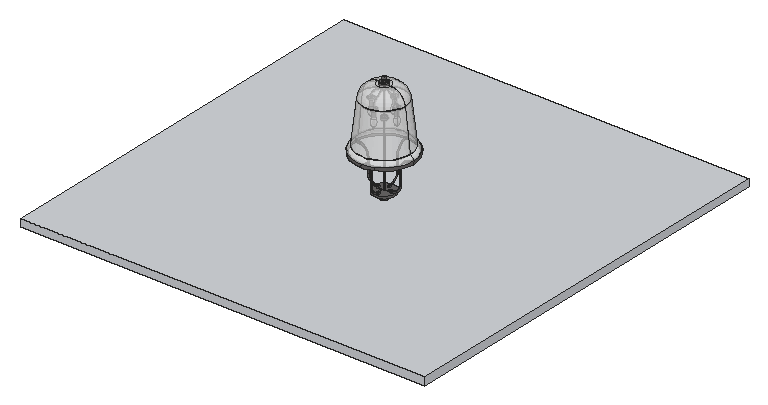
Revit family "P500207-031", category Lighting Fixtures, host Face, Revit 2014
Parameters (values of type "P500207-031")
  Watts = 60 W
  Wattage Comments = "60W"
  Warranty = "1 year Warranty"  # constant formula
  Voltage = 120 V
  URL = "https://www.hubbell.com/progresslighting/en"
  Steel = Paint - Hubbell - Matte White
  Product Link = "https://www.hubbell.com/progresslighting/en/Products/Lighting-Controls/Residential-Indoor-Lighting/New-Indoor-Products/Bowman-Collection-Four-Light-Black-Foyer-Pendant/p/3980590"
  Product Documentation Link = "https://hubbellcdn.com/specsheet/PROG_P500207-031_spec.pdf"
  Power Factor = 1
  Model = "P500207-031"  # constant formula
  Manufacturer = "Progress Lighting"  # constant formula
  Load Classification = Lighting
  Gold = Hubbell - Gold
  Glass = Paint - Hubbell - White Texture
  Width = 6.00"
  Lamp = "LED or Medium Base"  # constant formula
  Housing Material = Paint - Hubbell - Textured Camera Black
  Fixture distribution = "Direct"  # constant formula
  Features = "Wandering eyes will focus on the clear, chiseled glass shade that encircles the elegant light sources gathering quietly at the light fixture's center.\r\nFrom the bottom of the sleek center column, a light base appears to gracefully drip down and provide an extra touch of refined visual interest.\r\nIdeal for any foyer, dining room, or kitchen.\r\nA sophisticated choice for luxury, modern, and transitional interiors.\r\nMeasures 14-1/4-inch width by 26-1/4-inch height.\r\nUses four candelabra base bulbs that are sold separately (60w max - LED or incandescent).\r\nAble to be fully dimmable with dimmable bulbs.\r\nIncludes installation instructions and mounting hardware.\r\nProgress Lighting products are designed for exceptional quality, reliability, and functionality."  # constant formula
  Height = 26.50"
  Description = "Beautiful lighting will appeal to both your classic taste and your artistic spirit with the Bowman Collection Four-Light Black Pendant. Wandering eyes will focus on the clear, chiseled glass shade that encircles four elegant light sources gathering quietly at the light fixture's center. Handsome, black light bases with sophisticated curved arms originate from a decorative black knob that embellishes the outer bottom of the textured glass shade."  # constant formula
  Default Elevation = 48.00"
  Copyright = " ©2020 Progress Lighting, a division of Hubbell Lighting, Inc"  # constant formula
  Contact = "https://www.hubbell.com/progresslighting/en/contactUs"
  Connector Description = ""
  Assembly Code = "D5020200"
  Apparent Load = Watts / Power Factor  # 60 VA
Reference planes (in)
  plane 1 "Center (Front/Back)": y = 0
  plane 2: z = 0.5561
  plane 3 "Center (Left/Right)": x = 0
  plane 4: y = -7.38
  plane 5: y = 7.38
  plane 6: z = 32.1861
  plane 7: x = -7.13
  plane 8: x = 7.13
Forms (in)
  Extrusion 1, solid
    sketch origin (0, 0, 0) x (1, 0, 0) y (0, 1, 0)
      loop
        line (-48, 48) -> (-48, -48) -> (48, -48) -> (48, 48) -> (-48, 48)
    from 0.5561 to -1.25
  Revolve 2, solid, material "Paint - Hubbell - Textured Camera Black" <- "Housing Material"
    sketch origin (0.00307, -0.00024, 29.51348) x (-1, 0, 0) y (0, 0, -1)
      loop
        line (1.05523, 4.52889) -> (0.17323, 4.52889) -> (0.17323, 4.81014) -> (1.05523, 4.81014) -> (1.05523, 5.1504) -> (0.95438, 5.1504) -> (0.59248, 5.1504) -> (0.59248, 5.39238) -> (0.46234, 5.39238)
        arc (0.46234, 5.39238) -> (0.42256, 5.40885) -> (0.40609, 5.44862) r 0.05625
        line (0.40609, 5.44862) -> (0.40609, 5.83268) -> (0.17323, 5.83268) -> (0.17323, 11.25425) -> (0.32837, 11.25425) -> (0.32837, 11.43754) -> (0.57837, 11.43754) -> (0.57837, 11.68754) -> (0.7407, 11.68754) -> (0.7407, 11.87277) -> (0.57837, 11.87277) -> (0.57837, 12.12277) -> (0.32837, 12.12277) -> (0.32837, 12.30606) -> (0.17323, 12.30606) -> (0.17323, 27.08167) -> (2.59275, 27.08167) -> (2.59275, 27.45667) -> (2.16743, 27.45667)
        arc (2.16743, 27.45667) -> (1.87943, 27.52714) -> (1.65652, 27.72264) r 0.62372
        line (1.65652, 27.72264) -> (1.01331, 28.64123)
        arc (1.01331, 28.64123) -> (0.80072, 28.82767) -> (0.52606, 28.89488) r 0.59483
        line (0.52606, 28.89488) -> (0.17323, 28.89488) -> (0, 28.89488) -> (0, 3.06675) -> (0.25074, 3.06675)
        arc (0.25074, 3.06675) -> (0.40041, 3.12875) -> (0.46241, 3.27842) r 0.21167
        line (0.46241, 3.27842) -> (0.46241, 3.45004) -> (0.40609, 3.50635) -> (0.40609, 3.89041)
        arc (0.40609, 3.89041) -> (0.42256, 3.93018) -> (0.46234, 3.94666) r 0.05625
        line (0.46234, 3.94666) -> (0.59248, 3.94666)
        arc (0.59248, 3.94666) -> (0.70328, 3.9687) -> (0.79721, 4.03146) r 0.28954
        line (0.79721, 4.03146) -> (0.95438, 4.18863) -> (1.05523, 4.18863) -> (1.05523, 4.52889)
      axis (0, 28.89488) -> (0, 3.06675)
    angle from 0 to 360
  Revolve 3, solid, material "Paint - Hubbell - Textured Camera Black" <- "Housing Material"
    sketch origin (-1.02078, 2.93918, 1.5625) x (0.809017, -0.587785, 0) y (0, 0, -1)
      loop
        line (5.38569, -19.28298) -> (5.38569, -17.69894) -> (5.30384, -17.69894) -> (5.30384, -17.53731) -> (5.03246, -17.53731) -> (5.03246, -19.49992) -> (5.79194, -19.49992) -> (5.79194, -19.28298) -> (5.38569, -19.28298)
      axis (5.03246, -19.49992) -> (5.03246, -17.53731)
    angle from 0 to 360
  Revolve 4, solid, material "Paint - Hubbell - White Texture" <- "Glass"
    sketch origin (-1.02078, 2.93918, 0.3125) x (0.809017, -0.587785, 0) y (0, 0, -1)
      loop
        line (5.03246, -18.78731) -> (5.23875, -18.78731)
        arc (5.23875, -18.78731) -> (5.42026, -18.72531) -> (5.52593, -18.56522) r 0.29672
        arc (5.52593, -18.56522) -> (5.67197, -17.85119) -> (5.52593, -17.13716) r 1.81859
        arc (5.52593, -17.13716) -> (5.32796, -16.85653) -> (5.03246, -16.68154) r 0.82032
        line (5.03246, -16.68154) -> (5.03246, -18.78731)
      axis (5.03246, -18.78731) -> (5.03246, -16.68154)
    angle from 0 to 360
  Revolve 5, solid, material "Hubbell - Gold" <- "Gold"
    sketch origin (-1.02078, 2.93918, 0.3125) x (0.809017, -0.587785, 0) y (0, 0, -1)
      loop
        line (5.03246, -18.78731) -> (5.18492, -18.78731) -> (5.18492, -18.47069)
        arc (5.18492, -18.47069) -> (5.1355, -18.45022) -> (5.11503, -18.40079) r 0.06989
        arc (5.11503, -18.40079) -> (5.12069, -18.36314) -> (5.13717, -18.32881) r 0.1281
        arc (5.13717, -18.32881) -> (5.13812, -18.31157) -> (5.12333, -18.30267) r 0.01673
        line (5.12333, -18.30267) -> (5.03246, -18.30267) -> (5.03246, -18.78731)
      axis (5.03246, -18.78731) -> (5.03246, -18.30267)
    angle from 0 to 360
  Sweep 6, solid, material "Hubbell - Gold" <- "Gold"
    path origin (-1.02078, 2.93918, 0.3125) x (0.809017, -0.587785, 0) y (0, 0, -1)
      loop
        line (5.08455, -18.29601) -> (5.32306, -17.06897)
    profile origin (3.18919, -0.11954, 17.99499) x (-0.794153, 0.576986, -0.190809) y (0.587785, 0.809017, 0)
      loop
        circle (0, 0.00555) r 0.031
  Sweep 7, solid, material "Hubbell - Gold" <- "Gold"
    path origin (2.52568, -5.02629, 0.3125) x (0.104528, 0.994522, 0) y (0, 0, -1)
      loop
        line (5.08455, -18.29601) -> (5.32306, -17.06897)
    profile origin (3.06962, 0.14901, 17.99499) x (-0.102608, -0.97625, -0.190809) y (-0.994522, 0.104528, 0)
      loop
        circle (0, 0.00555) r 0.031
  Sweep 8, solid, material "Hubbell - Gold" <- "Gold"
    path origin (7.65542, 2.01727, 0.3125) x (-0.913545, -0.406737, 0) y (0, 0, -1)
      loop
        line (5.08455, -18.29601) -> (5.32306, -17.06897)
    profile origin (2.90151, -0.09931, 17.99499) x (0.896761, 0.399264, -0.190809) y (0.406737, -0.913545, 0)
      loop
        circle (0, 0.00555) r 0.031
  Sweep 9, solid, material "Paint - Hubbell - Textured Camera Black" <- "Housing Material"
    path origin (-0.125, 0, -3.5) x (-1, 0, 0) y (0, 0, 1)
      loop
        line (-3.16554, 24.43742) -> (-3.16554, 25.06419)
        arc (-3.16554, 25.06419) -> (-3.03421, 25.62194) -> (-2.66781, 26.06248) r 1.25
        line (-2.66781, 26.06248) -> (-1.9886, 26.57431) -> (-1.34783, 27.05716)
        arc (-1.34783, 27.05716) -> (-1.05471, 27.4096) -> (-0.94965, 27.8558) r 1
    profile origin (3.04054, 0, 21.2508) x (1, 0, 0) y (0, 1, 0)
      loop
        circle (0, 0) r 0.1
  Revolve 10, solid, material "Paint - Hubbell - Textured Camera Black" <- "Housing Material"
    sketch origin (1.02078, 2.93918, 1.5625) x (-0.809017, -0.587785, 0) y (0, 0, 1)
      loop
        line (5.38569, 19.28298) -> (5.79194, 19.28298) -> (5.79194, 19.49992) -> (5.03246, 19.49992) -> (5.03246, 17.53731) -> (5.30384, 17.53731) -> (5.30384, 17.69894) -> (5.38569, 17.69894) -> (5.38569, 19.28298)
      axis (5.03246, 19.49992) -> (5.03246, 17.53731)
    angle from 0 to 360
  Revolve 11, solid, material "Paint - Hubbell - White Texture" <- "Glass"
    sketch origin (1.02078, 2.93918, 0.3125) x (-0.809017, -0.587785, 0) y (0, 0, 1)
      loop
        line (5.03246, 18.78731) -> (5.03246, 16.68154)
        arc (5.03246, 16.68154) -> (5.32796, 16.85653) -> (5.52593, 17.13716) r 0.82032
        arc (5.52593, 17.13716) -> (5.67197, 17.85119) -> (5.52593, 18.56522) r 1.81859
        arc (5.52593, 18.56522) -> (5.42026, 18.72531) -> (5.23875, 18.78731) r 0.29672
        line (5.23875, 18.78731) -> (5.03246, 18.78731)
      axis (5.03246, 18.78731) -> (5.03246, 16.68154)
    angle from 0 to 360
  Revolve 12, solid, material "Hubbell - Gold" <- "Gold"
    sketch origin (1.02078, 2.93918, 0.3125) x (-0.809017, -0.587785, 0) y (0, 0, 1)
      loop
        line (5.03246, 18.78731) -> (5.03246, 18.30267) -> (5.12333, 18.30267)
        arc (5.12333, 18.30267) -> (5.13812, 18.31157) -> (5.13717, 18.32881) r 0.01673
        arc (5.13717, 18.32881) -> (5.12069, 18.36314) -> (5.11503, 18.40079) r 0.1281
        arc (5.11503, 18.40079) -> (5.1355, 18.45022) -> (5.18492, 18.47069) r 0.06989
        line (5.18492, 18.47069) -> (5.18492, 18.78731) -> (5.03246, 18.78731)
      axis (5.03246, 18.78731) -> (5.03246, 18.30267)
    angle from 0 to 360
  Sweep 13, solid, material "Hubbell - Gold" <- "Gold"
    path origin (1.02078, 2.93918, 0.3125) x (-0.809017, -0.587785, 0) y (0, 0, 1)
      loop
        line (5.08455, 18.29601) -> (5.32306, 17.06897)
    profile origin (-3.18919, -0.11954, 17.99499) x (-0.794153, -0.576986, 0.190809) y (-0.587785, 0.809017, 0)
      loop
        circle (0, 0.00555) r 0.031
  Sweep 14, solid, material "Hubbell - Gold" <- "Gold"
    path origin (-2.52568, -5.02629, 0.3125) x (-0.104528, 0.994522, 0) y (0, 0, 1)
      loop
        line (5.08455, 18.29601) -> (5.32306, 17.06897)
    profile origin (-3.06962, 0.14901, 17.99499) x (-0.102608, 0.97625, 0.190809) y (0.994522, 0.104528, 0)
      loop
        circle (0, 0.00555) r 0.031
  Sweep 15, solid, material "Hubbell - Gold" <- "Gold"
    path origin (-7.65542, 2.01727, 0.3125) x (0.913545, -0.406737, 0) y (0, 0, 1)
      loop
        line (5.08455, 18.29601) -> (5.32306, 17.06897)
    profile origin (-2.90151, -0.09931, 17.99499) x (0.896761, -0.399264, 0.190809) y (-0.406737, -0.913545, 0)
      loop
        circle (0, 0.00555) r 0.031
  Sweep 16, solid, material "Paint - Hubbell - Textured Camera Black" <- "Housing Material"
    path origin (0.125, 0, -3.5) x (1, 0, 0) y (0, 0, -1)
      loop
        line (-3.16554, -24.43742) -> (-3.16554, -25.06419)
        arc (-3.16554, -25.06419) -> (-3.03421, -25.62194) -> (-2.66781, -26.06248) r 1.25
        line (-2.66781, -26.06248) -> (-1.9886, -26.57431) -> (-1.34783, -27.05716)
        arc (-1.34783, -27.05716) -> (-1.05471, -27.4096) -> (-0.94965, -27.8558) r 1
    profile origin (-3.04054, 0, 21.2508) x (1, 0, 0) y (0, 1, 0)
      loop
        circle (0, 0) r 0.1
  Revolve 17, solid, material "Paint - Hubbell - Textured Camera Black" <- "Housing Material"
    sketch origin (2.95801, 1.00196, 1.5625) x (-0.587785, -0.809017, 0) y (0, 0, -1)
      loop
        line (5.38569, -19.28298) -> (5.38569, -17.69894) -> (5.30384, -17.69894) -> (5.30384, -17.53731) -> (5.03246, -17.53731) -> (5.03246, -19.49992) -> (5.79194, -19.49992) -> (5.79194, -19.28298) -> (5.38569, -19.28298)
      axis (5.03246, -19.49992) -> (5.03246, -17.53731)
    angle from 0 to 360
  Revolve 18, solid, material "Paint - Hubbell - White Texture" <- "Glass"
    sketch origin (2.95801, 1.00196, 0.3125) x (-0.587785, -0.809017, 0) y (0, 0, -1)
      loop
        line (5.03246, -18.78731) -> (5.23875, -18.78731)
        arc (5.23875, -18.78731) -> (5.42026, -18.72531) -> (5.52593, -18.56522) r 0.29672
        arc (5.52593, -18.56522) -> (5.67197, -17.85119) -> (5.52593, -17.13716) r 1.81859
        arc (5.52593, -17.13716) -> (5.32796, -16.85653) -> (5.03246, -16.68154) r 0.82032
        line (5.03246, -16.68154) -> (5.03246, -18.78731)
      axis (5.03246, -18.78731) -> (5.03246, -16.68154)
    angle from 0 to 360
  Revolve 19, solid, material "Hubbell - Gold" <- "Gold"
    sketch origin (2.95801, 1.00196, 0.3125) x (-0.587785, -0.809017, 0) y (0, 0, -1)
      loop
        line (5.03246, -18.78731) -> (5.18492, -18.78731) -> (5.18492, -18.47069)
        arc (5.18492, -18.47069) -> (5.1355, -18.45022) -> (5.11503, -18.40079) r 0.06989
        arc (5.11503, -18.40079) -> (5.12069, -18.36314) -> (5.13717, -18.32881) r 0.1281
        arc (5.13717, -18.32881) -> (5.13812, -18.31157) -> (5.12333, -18.30267) r 0.01673
        line (5.12333, -18.30267) -> (5.03246, -18.30267) -> (5.03246, -18.78731)
      axis (5.03246, -18.78731) -> (5.03246, -18.30267)
    angle from 0 to 360
  Sweep 20, solid, material "Hubbell - Gold" <- "Gold"
    path origin (2.95801, 1.00196, 0.3125) x (-0.587785, -0.809017, 0) y (0, 0, -1)
      loop
        line (5.08455, -18.29601) -> (5.32306, -17.06897)
    profile origin (-0.10071, -3.20801, 17.99499) x (0.576986, 0.794153, -0.190809) y (0.809017, -0.587785, 0)
      loop
        circle (0, 0.00555) r 0.031
  Sweep 21, solid, material "Hubbell - Gold" <- "Gold"
    path origin (-5.00746, -2.5445, 0.3125) x (0.994522, -0.104528, 0) y (0, 0, -1)
      loop
        line (5.08455, -18.29601) -> (5.32306, -17.06897)
    profile origin (0.16783, -3.08845, 17.99499) x (-0.97625, 0.102608, -0.190809) y (0.104528, 0.994522, 0)
      loop
        circle (0, 0.00555) r 0.031
  Sweep 22, solid, material "Hubbell - Gold" <- "Gold"
    path origin (2.03609, -7.67425, 0.3125) x (-0.406737, 0.913545, 0) y (0, 0, -1)
      loop
        line (5.08455, -18.29601) -> (5.32306, -17.06897)
    profile origin (-0.08049, -2.92034, 17.99499) x (0.399264, -0.896761, -0.190809) y (-0.913545, -0.406737, 0)
      loop
        circle (0, 0.00555) r 0.031
  Sweep 23, solid, material "Paint - Hubbell - Textured Camera Black" <- "Housing Material"
    path origin (0.01882, 0.10618, -3.5) x (0, 1, 0) y (0, 0, 1)
      loop
        line (-3.16554, 24.43742) -> (-3.16554, 25.06419)
        arc (-3.16554, 25.06419) -> (-3.03421, 25.62194) -> (-2.66781, 26.06248) r 1.25
        line (-2.66781, 26.06248) -> (-1.9886, 26.57431) -> (-1.34783, 27.05716)
        arc (-1.34783, 27.05716) -> (-1.05471, 27.4096) -> (-0.94965, 27.8558) r 1
    profile origin (0.01882, -3.05937, 21.2508) x (0, -1, 0) y (1, 0, 0)
      loop
        circle (0, 0) r 0.1
  Revolve 24, solid, material "Paint - Hubbell - Textured Camera Black" <- "Housing Material"
    sketch origin (2.95801, -1.0396, 1.5625) x (-0.587785, 0.809017, 0) y (0, 0, 1)
      loop
        line (5.38569, 19.28298) -> (5.79194, 19.28298) -> (5.79194, 19.49992) -> (5.03246, 19.49992) -> (5.03246, 17.53731) -> (5.30384, 17.53731) -> (5.30384, 17.69894) -> (5.38569, 17.69894) -> (5.38569, 19.28298)
      axis (5.03246, 19.49992) -> (5.03246, 17.53731)
    angle from 0 to 360
  Revolve 25, solid, material "Paint - Hubbell - White Texture" <- "Glass"
    sketch origin (2.95801, -1.0396, 0.3125) x (-0.587785, 0.809017, 0) y (0, 0, 1)
      loop
        line (5.03246, 18.78731) -> (5.03246, 16.68154)
        arc (5.03246, 16.68154) -> (5.32796, 16.85653) -> (5.52593, 17.13716) r 0.82032
        arc (5.52593, 17.13716) -> (5.67197, 17.85119) -> (5.52593, 18.56522) r 1.81859
        arc (5.52593, 18.56522) -> (5.42026, 18.72531) -> (5.23875, 18.78731) r 0.29672
        line (5.23875, 18.78731) -> (5.03246, 18.78731)
      axis (5.03246, 18.78731) -> (5.03246, 16.68154)
    angle from 0 to 360
  Revolve 26, solid, material "Hubbell - Gold" <- "Gold"
    sketch origin (2.95801, -1.0396, 0.3125) x (-0.587785, 0.809017, 0) y (0, 0, 1)
      loop
        line (5.03246, 18.78731) -> (5.03246, 18.30267) -> (5.12333, 18.30267)
        arc (5.12333, 18.30267) -> (5.13812, 18.31157) -> (5.13717, 18.32881) r 0.01673
        arc (5.13717, 18.32881) -> (5.12069, 18.36314) -> (5.11503, 18.40079) r 0.1281
        arc (5.11503, 18.40079) -> (5.1355, 18.45022) -> (5.18492, 18.47069) r 0.06989
        line (5.18492, 18.47069) -> (5.18492, 18.78731) -> (5.03246, 18.78731)
      axis (5.03246, 18.78731) -> (5.03246, 18.30267)
    angle from 0 to 360
  Sweep 27, solid, material "Hubbell - Gold" <- "Gold"
    path origin (2.95801, -1.0396, 0.3125) x (-0.587785, 0.809017, 0) y (0, 0, 1)
      loop
        line (5.08455, 18.29601) -> (5.32306, 17.06897)
    profile origin (-0.10071, 3.17036, 17.99499) x (-0.576986, 0.794153, 0.190809) y (0.809017, 0.587785, 0)
      loop
        circle (0, 0.00555) r 0.031
  Sweep 28, solid, material "Hubbell - Gold" <- "Gold"
    path origin (-5.00746, 2.50685, 0.3125) x (0.994522, 0.104528, 0) y (0, 0, 1)
      loop
        line (5.08455, 18.29601) -> (5.32306, 17.06897)
    profile origin (0.16783, 3.0508, 17.99499) x (0.97625, 0.102608, 0.190809) y (0.104528, -0.994522, 0)
      loop
        circle (0, 0.00555) r 0.031
  Sweep 29, solid, material "Hubbell - Gold" <- "Gold"
    path origin (2.03609, 7.6366, 0.3125) x (-0.406737, -0.913545, 0) y (0, 0, 1)
      loop
        line (5.08455, 18.29601) -> (5.32306, 17.06897)
    profile origin (-0.08049, 2.88269, 17.99499) x (-0.399264, -0.896761, 0.190809) y (-0.913545, 0.406737, 0)
      loop
        circle (0, 0.00555) r 0.031
  Sweep 30, solid, material "Paint - Hubbell - Textured Camera Black" <- "Housing Material"
    path origin (0.01882, -0.14382, -3.5) x (0, -1, 0) y (0, 0, -1)
      loop
        line (-3.16554, -24.43742) -> (-3.16554, -25.06419)
        arc (-3.16554, -25.06419) -> (-3.03421, -25.62194) -> (-2.66781, -26.06248) r 1.25
        line (-2.66781, -26.06248) -> (-1.9886, -26.57431) -> (-1.34783, -27.05716)
        arc (-1.34783, -27.05716) -> (-1.05471, -27.4096) -> (-0.94965, -27.8558) r 1
    profile origin (0.01882, 3.02172, 21.2508) x (0, -1, 0) y (1, 0, 0)
      loop
        circle (0, 0) r 0.1
  Revolve 31, solid, material "Paint - Hubbell - White Texture" <- "Glass"
    sketch origin (0, 0, -3.5) x (1, 0, 0) y (0, 0, 1)
      loop
        line (0.00307, 28.2061) -> (1.64546, 28.2061)
        arc (1.64546, 28.2061) -> (3.90868, 27.3434) -> (5.02337, 25.19308) r 3.4
        line (5.02337, 25.19308) -> (6.13808, 15.46274)
        arc (6.13808, 15.46274) -> (6.79309, 14.92041) -> (6.78277, 14.07008) r 0.98636
        line (6.78277, 14.07008) -> (6.89303, 14.07008)
        arc (6.89303, 14.07008) -> (6.88828, 14.95271) -> (6.22983, 15.54049) r 1.08636
        line (6.22983, 15.54049) -> (5.10124, 25.39196)
        arc (5.10124, 25.39196) -> (3.95376, 27.60552) -> (1.62398, 28.4936) r 3.5
        line (1.62398, 28.4936) -> (0.00307, 28.4936) -> (0.00307, 28.2061)
      axis (0, 28.4936) -> (0, 14.07008)
    angle from 0 to 360
  Sweep 32, solid, material "Paint - Hubbell - Textured Camera Black" <- "Housing Material"
    path origin (0, 0, 0) x (1, 0, 0) y (0, 0, 1)
      loop
        line (1.14748, 2.75466) -> (1.89748, 2.75466)
        arc (1.89748, 2.75466) -> (3.31169, 3.34044) -> (3.89748, 4.75466) r 2
        line (3.89748, 4.75466) -> (3.89748, 8.07008)
        arc (3.89748, 8.07008) -> (4.62971, 9.83785) -> (6.39748, 10.57008) r 2.5
        line (6.39748, 10.57008) -> (6.89303, 10.57008)
    profile origin (1.52248, 0, 2.75466) x (0, 0, 1) y (0, -1, 0)
      loop
        circle (0, 0) r 0.1
  Revolve 33, solid, material "Paint - Hubbell - Textured Camera Black" <- "Housing Material"
    sketch origin (0, 0, 0) x (1, 0, 0) y (0, 0, 1)
      loop
        line (6.99926, 11.04064) -> (6.81334, 10.29035) -> (6.99926, 10.29035) -> (7.07893, 11.04064) -> (6.99926, 11.04064)
      axis (0, 11.04064) -> (0, 10.29035)
    angle from 0 to 360
  Revolve 34, solid, material "Paint - Hubbell - Textured Camera Black" <- "Housing Material"
    sketch origin (0, 0, 0) x (1, 0, 0) y (0, 0, 1)
      loop
        line (1.64147, 2.43181) -> (1.77566, 2.43181) -> (1.77566, 2.68181) -> (1.64147, 2.68181) -> (1.64147, 2.43181)
      axis (1.64147, 2.68181) -> (1.64147, 2.43181)
    angle from 0 to 360
  Sweep 35, solid, material "Paint - Hubbell - Textured Camera Black" <- "Housing Material"
    path origin (0, 0, 0) x (-1, 0, 0) y (0, 0, 1)
      loop
        line (1.14748, 2.75466) -> (1.89748, 2.75466)
        arc (1.89748, 2.75466) -> (3.31169, 3.34044) -> (3.89748, 4.75466) r 2
        line (3.89748, 4.75466) -> (3.89748, 8.07008)
        arc (3.89748, 8.07008) -> (4.62971, 9.83785) -> (6.39748, 10.57008) r 2.5
        line (6.39748, 10.57008) -> (6.89303, 10.57008)
    profile origin (-1.52248, 0, 2.75466) x (0, 0, -1) y (0, -1, 0)
      loop
        circle (0, 0) r 0.1
  Revolve 36, solid, material "Paint - Hubbell - Textured Camera Black" <- "Housing Material"
    sketch origin (0, 0, 0) x (-1, 0, 0) y (0, 0, 1)
      loop
        line (1.64147, 2.43181) -> (1.77566, 2.43181) -> (1.77566, 2.68181) -> (1.64147, 2.68181) -> (1.64147, 2.43181)
      axis (1.64147, 2.68181) -> (1.64147, 2.43181)
    angle from 0 to 360
  Sweep 37, solid, material "Paint - Hubbell - Textured Camera Black" <- "Housing Material"
    path origin (0.00307, 0.00307, 0) x (0, 1, 0) y (0, 0, -1)
      loop
        line (1.14748, -2.75466) -> (1.89748, -2.75466)
        arc (1.89748, -2.75466) -> (3.31169, -3.34044) -> (3.89748, -4.75466) r 2
        line (3.89748, -4.75466) -> (3.89748, -8.07008)
        arc (3.89748, -8.07008) -> (4.62971, -9.83785) -> (6.39748, -10.57008) r 2.5
        line (6.39748, -10.57008) -> (6.89303, -10.57008)
    profile origin (0.00307, 1.52555, 2.75466) x (0, 0, -1) y (-1, 0, 0)
      loop
        circle (0, 0) r 0.1
  Revolve 38, solid, material "Paint - Hubbell - Textured Camera Black" <- "Housing Material"
    sketch origin (0.00307, 0.00307, 0) x (0, 1, 0) y (0, 0, -1)
      loop
        line (1.64147, -2.43181) -> (1.64147, -2.68181) -> (1.77566, -2.68181) -> (1.77566, -2.43181) -> (1.64147, -2.43181)
      axis (1.64147, -2.68181) -> (1.64147, -2.43181)
    angle from 0 to 360
  Sweep 39, solid, material "Paint - Hubbell - Textured Camera Black" <- "Housing Material"
    path origin (0.00307, -0.00307, 0) x (0, -1, 0) y (0, 0, 1)
      loop
        line (1.14748, 2.75466) -> (1.89748, 2.75466)
        arc (1.89748, 2.75466) -> (3.31169, 3.34044) -> (3.89748, 4.75466) r 2
        line (3.89748, 4.75466) -> (3.89748, 8.07008)
        arc (3.89748, 8.07008) -> (4.62971, 9.83785) -> (6.39748, 10.57008) r 2.5
        line (6.39748, 10.57008) -> (6.89303, 10.57008)
    profile origin (0.00307, -1.52555, 2.75466) x (0, 0, 1) y (-1, 0, 0)
      loop
        circle (0, 0) r 0.1
  Revolve 40, solid, material "Paint - Hubbell - Textured Camera Black" <- "Housing Material"
    sketch origin (0.00307, -0.00307, 0) x (0, -1, 0) y (0, 0, 1)
      loop
        line (1.64147, 2.43181) -> (1.77566, 2.43181) -> (1.77566, 2.68181) -> (1.64147, 2.68181) -> (1.64147, 2.43181)
      axis (1.64147, 2.68181) -> (1.64147, 2.43181)
    angle from 0 to 360
Dimensions and locks (in)
  aligned and locked: plane 2 to Extrusion 1
Nested families (in)
  nested 1: "Light Source" at (-0.05138, 3.46211, 16), type "Light Source"
  nested 2: "Light Source" at (-3.65472, -0.14122, 16), type "Light Source"
  nested 3: "Light Source" at (-0.11918, -3.67676, 16), type "Light Source"
  nested 4: "Light Source" at (3.67253, 0.11495, 16), type "Light Source"
Connectors (in)
  electrical at (0.00307, -0.00024, 12.4311), driven by "Voltage", driven by "Apparent Load", driven by "Power Factor", driven by "Connector Description", driven by "Load Classification"
    settings: on Revolve 2, index 2, voltage 120 V, apparent load 60 VA, apparent load phase1 0 VA, apparent load phase2 0 VA, apparent load phase3 0 VA, power factor 1, load classification "Lighting", number of poles 1, system type 30, power factor state 1, is connector primary yes, connector utility no, sub classification motor no, connector description ""
Definition of nested family "Light Source"
  Parameters (values of type "Light Source")
    Wattage = 60 W
    built-in parameter 1150110 = 1 (stored number, unit not read)
    built-in parameter 1114217 = 1 (stored number, unit not read)
    Tilt Angle = 60.00°
    built-in parameter 1150109 = 1 (stored number, unit not read)
    built-in parameter 1150134 = 3
    built-in parameter 1150113 = 1 (stored number, unit not read)
    Photometric Web File = "generic"
    built-in parameter 1150142 = (empty or 0)
    built-in parameter 1150105 = 477.46 (stored number, unit not read)
    Lumens = 6000 lm
    built-in parameter 1150115 = 1 (stored number, unit not read)
    built-in parameter 1150137 = (empty or 0)
    built-in parameter 1150139 = (empty or 0)
    built-in parameter 1150112 = 1 (stored number, unit not read)
    built-in parameter 1150114 = 1 (stored number, unit not read)
    built-in parameter 1150132 = (empty or 0)
    built-in parameter 1150102 = (empty or 0)
    built-in parameter 1150107 = 3200 (stored number, unit not read)
    built-in parameter 1150138 = (empty or 0)
    built-in parameter 1150106 = 4.7746 (stored number, unit not read)
    built-in parameter 1150104 = 9.2903 (stored number, unit not read)
    Dimming Lamp Color Temperature Shift = (empty or 0)
    Color Filter = 16777215
    built-in parameter 1114218 = 1 (stored number, unit not read)
    built-in parameter 1150133 = 10 (stored number, unit not read)
  Reference planes (in)
    plane 1 "Center (Front/Back)": y = 0
    plane 2: z = 0
    plane 3 "Center (Left/Right)": x = 0
  Dimensions and locks (in)
    aligned and locked: level to plane 2
